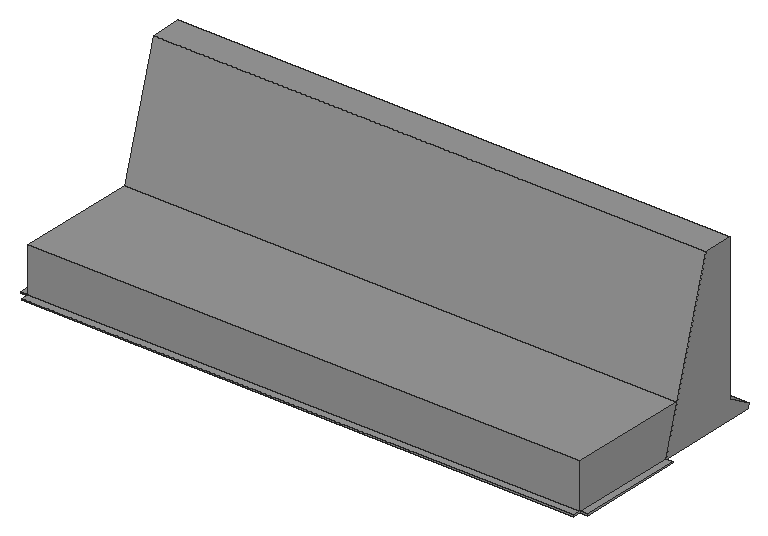
Revit family "Lavatory_Deck-Willoughby-CWLD-3", category Plumbing Fixtures, Revit 2015
Parameters (values of type "Standard")
  water line = Copper
  Waste Connection = no
  Vent Connection = no
  URL = "https://www.willoughby-ind.com/wp-content/uploads/2018/01/CWLD.pdf"
  Revision = "A"
  Model = "CWLD-3"
  Manufacturer = "Willoughby Industries"
  LAV HW DIA = 1/2"
  LAV CW DIA = 1/2"
  HW Connection = yes
  Fixture Body = Stainless Steel AISI 304-Willoughby
  Description = "3 Station Lavatory Deck"
  Default Elevation = 0' - 0"
  Contact = "(800) 428-4065"
  CW Connection = yes
Reference planes (in)
  plane 1 "Center (Front/Back)Floor Lewvel": y = 0
  plane 2: z = 0
  plane 3 "Center (Left/Right)": x = 0
  plane 4 "Deck HGT": y = 34
  plane 5 "Top Of unit": y = 37
  plane 6: y = 30
  plane 7 "Base Off Floor": y = 9.5
  plane 8: y = 23.5
  plane 9: x = -36
  plane 10: x = 36
  plane 11: z = 0.75
  plane 12: z = 2.5
  plane 13 "Front Of Deck": z = 21.5
  plane 14: z = 6
  plane 15: z = 12.125
  plane 16: x = 24
  plane 17: x = -24
  plane 18 "Water Connections": y = 12
  plane 19: x = -2
  plane 20: x = 2
Forms (in)
  Extrusion 1, solid, material "Stainless Steel AISI 304-Willoughby" <- "Fixture Body"
    sketch origin (0, 0, 0) x (0, 1, 0) y (0, 0, 1)
      loop
        line (37, 0) -> (37, 0.75) -> (34, 2.5) -> (34, 21.5) -> (30, 21.5) -> (23.5, 0) -> (37, 0)
    from -36 to 36
  Extrusion 2, solid, material "Stainless Steel AISI 304-Willoughby" <- "Fixture Body"
    sketch origin (0, 0, 0) x (0, 1, 0) y (0, 0, 1)
      loop
        line (23.5, 0) -> (25.31395, 6) -> (9.5, 6) -> (9.5, 0) -> (23.5, 0)
    from -36 to 36
  Revolve 3, void
    sketch origin (0, 0, 0) x (0, 1, 0) y (0, 0, 1)
      loop
        line (34.13753, 12.125) -> (29, 12.125) -> (29, 10.875)
        arc (29, 10.875) -> (30.43353, 6.66829) -> (34.13753, 4.21232) r 6.88906
        line (34.13753, 4.21232) -> (34.13753, 12.125)
      axis (34.13753, 12.125) -> (29, 12.125)
    angle from 0 to 360
  Revolve 4, void
    sketch origin (24, 0, 0) x (0, 1, 0) y (0, 0, 1)
      loop
        line (34.13753, 12.125) -> (29, 12.125) -> (29, 10.875)
        arc (29, 10.875) -> (30.43353, 6.66829) -> (34.13753, 4.21232) r 6.88906
        line (34.13753, 4.21232) -> (34.13753, 12.125)
      axis (34.13753, 12.125) -> (29, 12.125)
    angle from 0 to 360
  Revolve 5, void
    sketch origin (-24, 0, 0) x (0, 1, 0) y (0, 0, 1)
      loop
        line (34.13753, 12.125) -> (29, 12.125) -> (29, 10.875)
        arc (29, 10.875) -> (30.43353, 6.66829) -> (34.13753, 4.21232) r 6.88906
        line (34.13753, 4.21232) -> (34.13753, 12.125)
      axis (34.13753, 12.125) -> (29, 12.125)
    angle from 0 to 360
  Revolve 6, solid, material "Copper" <- "water line"
    sketch origin (-2, 12, 0) x (-1, 0, 0) y (0, 0, 1)
      loop
        line (-4, 0) -> (-3.75, 0) -> (-3.75, 2.5) -> (-4, 2.5) -> (-4, 0)
      axis (-4, 2.5) -> (-4, 0)
    angle from 0 to 360
  Revolve 7, solid, material "Copper" <- "water line"
    sketch origin (-6, 12, 0) x (-1, 0, 0) y (0, 0, 1)
      loop
        line (-4, 0) -> (-3.75, 0) -> (-3.75, 2.5) -> (-4, 2.5) -> (-4, 0)
      axis (-4, 2.5) -> (-4, 0)
    angle from 0 to 360
  Extrusion 8, solid, material "Stainless Steel AISI 304-Willoughby" <- "Fixture Body"
    sketch origin (0, 0, 0) x (1, 0, 0) y (0, 1, 0)
      loop
        line (-36, 23.5) -> (-37, 23.5) -> (-37, 9.5) -> (-36, 9.5) -> (-36, 23.5)
    from 0 to 0.1875
  Extrusion 9, solid, material "Stainless Steel AISI 304-Willoughby" <- "Fixture Body"
    sketch origin (0, 0, 0) x (1, 0, 0) y (0, 1, 0)
      loop
        line (-36, 9.5) -> (-36, 8.5) -> (36, 8.5) -> (36, 9.5) -> (-36, 9.5)
    from 0 to 0.1875
  Extrusion 10, solid, material "Stainless Steel AISI 304-Willoughby" <- "Fixture Body"
    sketch origin (0, 0, 0) x (1, 0, 0) y (0, 1, 0)
      loop
        line (36, 9.5) -> (37, 9.5) -> (37, 23.5) -> (36, 23.5) -> (36, 9.5)
    from 0 to 0.1875
  Extrusion 11, solid
    sketch origin (0, 0, 0) x (1, 0, 0) y (0, 1, 0)
      loop
        circle (21, 23) r 0.75
    from 0 to -0.0625
  Extrusion 12, solid
    sketch origin (-24, 0, 0) x (1, 0, 0) y (0, 1, 0)
      loop
        circle (21, 23) r 0.75
    from 0 to -0.0625
  Extrusion 13, solid
    sketch origin (-48, 0, 0) x (1, 0, 0) y (0, 1, 0)
      loop
        circle (21, 23) r 0.75
    from 0 to -0.0625
Cuts and joins
  Revolve 3, Revolve 4, Revolve 5 cuts Extrusion 1
  Revolve 3 cuts Extrusion 2
Lines and regions (in)
  symbolic lines
    curve 1: line (-36, 9.5, 0) -> (36, 9.5, 0)
    curve 2: line (36, 9.5, 0) -> (36, 37, 0)
    curve 3: line (36, 37, 0) -> (-36, 37, 0)
    curve 4: line (-36, 37, 0) -> (-36, 9.5, 0)
    curve 7: line (-36, 30, 0) -> (36, 30, 0)
    curve 8: line (36, 34, 0) -> (-36, 34, 0)
    curve 18: line (36, 12, 0) -> (36, 12, 21.5)
    curve 19: line (36, 12, 21.5) -> (-36, 12, 21.5)
    curve 20: line (-36, 12, 21.5) -> (-36, 12, 0)
    curve 21: line (-36, 12, 0) -> (36, 12, 0)
    curve 34: line (0, 9.5, 0) -> (0, 37, 0)
    curve 35: line (0, 37, 0) -> (0, 37, 0.75)
    curve 36: line (0, 37, 0.75) -> (0, 34, 2.5)
    curve 37: line (0, 34, 2.5) -> (0, 34, 21.5)
    curve 38: line (0, 34, 21.5) -> (0, 30, 21.5)
    curve 39: line (0, 30, 21.5) -> (0, 25.31395, 6)
    curve 40: line (0, 25.31395, 6) -> (0, 9.5, 6)
    curve 41: line (0, 9.5, 6) -> (0, 9.5, 0)
  symbolic lines, detail levels medium+fine
    curve 5: line (-36, 23.5, 0) -> (36, 23.5, 0)
    curve 6: line (36, 25.31395, 0) -> (-36, 25.31395, 0)
    curve 28: line (-36, 12, 0.75) -> (36, 12, 0.75)
    curve 29: line (36, 12, 2.5) -> (-36, 12, 2.5)
    curve 33: line (36, 12, 0.1875) -> (-36, 12, 0.1875)
  symbolic lines, detail levels fine
    curve 9: line (-36, 23.5, 0) -> (-37, 23.5, 0)
    curve 10: line (-37, 23.5, 0) -> (-37, 9.5, 0)
    curve 11: line (-37, 9.5, 0) -> (-36, 9.5, 0)
    curve 12: line (-36, 8.5, 0) -> (36, 8.5, 0)
    curve 13: line (36, 8.5, 0) -> (36, 9.5, 0)
    curve 14: line (37, 9.5, 0) -> (37, 23.5, 0)
    curve 15: line (37, 23.5, 0) -> (36, 23.5, 0)
    curve 16: line (-36, 9.5, 0) -> (-36, 8.5, 0)
    curve 17: line (37, 9.5, 0) -> (36, 9.5, 0)
    curve 22: line (36, 12, 0) -> (37, 12, 0)
    curve 23: line (37, 12, 0) -> (37, 12, 0.1875)
    curve 24: line (37, 12, 0.1875) -> (36, 12, 0.1875)
    curve 25: line (-36, 12, 0.1875) -> (-37, 12, 0.1875)
    curve 26: line (-37, 12, 0.1875) -> (-37, 12, 0)
    curve 27: line (-37, 12, 0) -> (-36, 12, 0)
    curve 30: circle (-24, 12, 12.125) r 7.875 normal (0, 1, 0)
    curve 31: circle (0, 12, 12.125) r 7.875 normal (0, 1, 0)
    curve 32: circle (24, 12, 12.125) r 7.875 normal (0, 1, 0)
Dimensions and locks (in)
  plane 1 "Center (Front/Back)Floor Lewvel" to plane 7 "Base Off Floor" = 0' - 9 1/2"
  plane 8 to plane 7 "Base Off Floor" = 1' - 2"
  plane 5 "Top Of unit" to plane 4 "Deck HGT" = 0' - 3"
  plane 4 "Deck HGT" to plane 6 = 0' - 4"
  plane 13 "Front Of Deck" to level = 1' - 9 1/2"
  plane 14 to level = 0' - 6"
  locked: plane 9 to plane 10 at 72
  locked: plane 5 "Top Of unit" to plane 7 "Base Off Floor" at 27.5
  plane 1 "Center (Front/Back)Floor Lewvel" to plane 5 "Top Of unit" = 3' - 1"
  locked: plane 18 "Water Connections" to plane 7 "Base Off Floor" at 2.5
  locked: plane 9 to plane 17 at 12
  locked: plane 17 to plane 3 "Center (Left/Right)" at 24
  plane 16 to plane 10 = 1' - 0"
  plane 19 to plane 3 "Center (Left/Right)" = 0' - 2"
  plane 3 "Center (Left/Right)" to plane 20 = 0' - 2"
  equal spacing: group 3, group 2, group 1
  equal spacing: group 1, group 2, group 3  (x2)
  aligned and locked: plane 4 "Deck HGT" to Extrusion 1
  aligned and locked: plane 13 "Front Of Deck" to Extrusion 1
  aligned and locked: Extrusion 1 to level
  aligned and locked: plane 5 "Top Of unit" to Extrusion 1
  aligned and locked: Extrusion 1 to Extrusion 2 sketch curve
  aligned and locked: Extrusion 2 to plane 7 "Base Off Floor"
  aligned and locked: plane 14 to Extrusion 2
  aligned and locked: Extrusion 2 to level
  aligned and locked: Extrusion 2 to Extrusion 1
  aligned and locked: Revolve 6 sketch curve to Revolve 6 sketch curve  (x2)
  aligned and locked: Revolve 7 sketch curve to Revolve 7 sketch curve  (x2)
  aligned and locked: Extrusion 8 to plane 9
  aligned and locked: plane 7 "Base Off Floor" to Extrusion 9
  aligned and locked: Extrusion 9 to plane 10
  aligned and locked: plane 9 to Extrusion 9
  aligned and locked: plane 8 to Extrusion 10
  aligned and locked: plane 10 to Extrusion 10
  aligned and locked: Extrusion 10 to plane 7 "Base Off Floor"
  aligned and locked: cut or joined group of Extrusion 2, Revolve 3 to Extrusion 9
Connectors (in)
  piping at (-2, 12, 0), diameter 0.5, driven by "HW Connection", driven by "LAV HW DIA"
    settings: on Revolve 7, index 1, connector inside diameter 24", connector length 0' - 0", flow factor 0, pipe flow 0 GPM, pressure drop 0.00 psi, fitting loss kfactor 0, connector angle 0.00°, fixture units 0, engagement length 0' - 0", angle of deflection 0.00°, flow configuration 0, flow direction 1, fitting loss method 0, system type 19, joint type 0, gender type 0, connector reference index -1, connector utility 1, adjustable connector no, is connector primary yes, connector description "HW Inlet"
  piping at (2, 12, 0), diameter 0.5, driven by "CW Connection", driven by "LAV CW DIA"
    settings: on Revolve 6, index 2, connector inside diameter 24", connector length 0' - 0", flow factor 0, pipe flow 0 GPM, pressure drop 0.00 psi, fitting loss kfactor 0, connector angle 0.00°, fixture units 0, engagement length 0' - 0", angle of deflection 0.00°, flow configuration 0, flow direction 1, fitting loss method 0, system type 20, joint type 0, gender type 0, connector reference index -1, connector utility 1, adjustable connector no, is connector primary no, connector description "CW Inlet"
